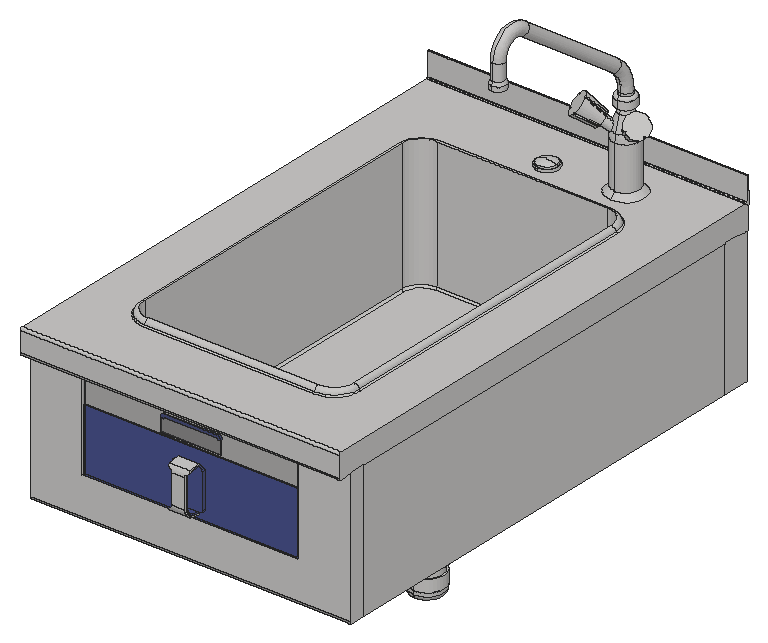
Revit family "QF_ELECTROLUXPROFESSIONAL_588403_MABGABEOAO", category Specialty Equipment, Revit 2018
Family settings
  Round Connector Dimension = Use Diameter
  Part Type = Normal
  Work Plane-Based = No
  Always vertical = Yes
  Cut with Voids When Loaded = No
  Shared = No
  Room Calculation Point = No
Parameters
  Weight in Pounds = 33.0693
  Watts = 1500 VA  # 1500 W
  Waste Water Discharge Temperature [instance] = -459.67 °F
  Volts = 400 V  # constant formula
  URL Cutsheet = ""
  Type Mark [instance] = ""
  Status [instance] = ""
  Specification by User [instance] = ""
  Specification by Manufacturer = ""
  Small Baine = yes
  Show Backsplash [instance] = yes
  Serial Number = ""
  Seismic Rating = ""
  SMACNA No = ""
  Revision Code [instance] = ""
  Plumbing Remarks [instance] = ""
  Plumbing Connection Type [instance] = ""
  Phase = 3  # constant formula
  Omniclass Number and Title = ""
  Number of Poles [instance] = 1
  NAFEM Spec ID Number = ""
  Model = "588403"
  Min Ckt Ampacity = 0 A
  Max Overcurrent Protection = 0 A
  Masterspec = ""
  Manufacturer = "ELECTROLUX"
  Item Number [instance] = ""
  Installed By [instance] = ""
  Indirect Waste Size = 1"
  Indirect Waste Flow [instance] = 0 GPM
  Indirect Waste Connection Type [instance] = ""
  Indirect Waste Connection Height = 0 mm
  Identify Quantity as Lot [instance] = yes
  Hot Water Temperature = -459.67 °F
  Hot Water Size = 3/4"
  Hot Water RI Height [instance] = 0 mm
  Hot Water Minimum Pressure = 0.00 psi
  Hot Water Maximum Pressure = 0.00 psi
  Hot Water Flow [instance] = 0 GPM
  Hot Water Consumption = 0 GPM
  Hot Water Connection Height = 0 mm
  HP = "2 HP"
  Furnished By [instance] = ""
  Foodservice Equipment Identifier [instance] = yes
  FL Amps [instance] = if(Phase = 3, Watts / (Volts * 1.73), Watts / Volts)  # 2.16763 A
  Electrical Remarks = "400 V/3N ph/50/60 Hz"  # constant formula
  Electric Connection Type [instance] = ""
  Elec Conn RI Height [instance] = 0 mm
  Elec Conn Connection Height [instance] = 0 mm
  Direct Waste Size = 1"
  Description = "EL.BAINM,1/1GN,TAP(R),1S,BS,500X800X250H"
  Cycle [instance] = if([60 Hertz Option], 60 Hz, 50 Hz)  # 60 Hz
  Conn Plug = ""
  Conn Conduit = yes
  Cold Water Temperature Recommended [instance] = 0 °F
  Cold Water Size = 3/4"
  Cold Water RI Height [instance] = 0 mm
  Cold Water Minimum Pressure = 0.00 psi
  Cold Water Maximum Pressure = 0.00 psi
  Cold Water Flow [instance] = 0 GPM
  Cold Water Consumption = ""
  Cold Water Connection Height = 0 mm
  CSI MasterFormat = ""
  CSI Master Format = ""
  Back Panel [instance] = not(Show Backsplash)  # no
  Apparent Power [instance] = if(Phase = 3, Volts * FL Amps * 1.73, Volts * FL Amps)  # 1500 VA
  60 Hertz Option [instance] = not([50 Hertz Option])  # yes
  50 Hertz Option [instance] = no
Reference planes
  plane 1 "BACK": y = 0
  plane 2: z = 0
  plane 3 "LEFT": x = 0
  plane 4 "RIGHT": x = 500
  plane 5 "FRONT": y = -800
  plane 6 "TOP": z = 250
  plane 7: x = 250
  plane 8: y = -400
  plane 9: z = 582.185
  plane 10: x = 465
  plane 11: y = -94
  plane 12: y = -81
  plane 13: y = -585
Forms (mm)
  Extrusion 1, solid, material "QF_Finishes_Stainless Steel"
    sketch origin (0, -487.128, 0) x (0, 1, 0) y (0, 0, 1)
      loop
        line (483.128, 250) -> (-308.872, 250)
        arc (-308.872, 250) -> (-311.7, 248.828) -> (-312.872, 246) r 4
        line (-312.872, 246) -> (-312.872, 214)
        arc (-312.872, 214) -> (-311.443, 210.936) -> (-308.177, 210.061) r 4
        line (-308.177, 210.061) -> (-291.509, 213) -> (465.765, 213) -> (482.433, 210.061)
        arc (482.433, 210.061) -> (485.699, 210.936) -> (487.128, 214) r 4
        line (487.128, 214) -> (487.128, 246)
        arc (487.128, 246) -> (485.956, 248.828) -> (483.128, 250) r 4
    from 0 to 500
  Extrusion 2, void
    sketch origin (0, -4, 250) x (1, 0, 0) y (0, -1, 0)
      loop
        line (423.051, 156.931) -> (423.051, 660.069)
        arc (423.051, 660.069) -> (411.335, 688.354) -> (383.051, 700.069) r 40
        line (383.051, 700.069) -> (116.931, 700.069)
        arc (116.931, 700.069) -> (88.646, 688.354) -> (76.931, 660.069) r 40
        line (76.931, 660.069) -> (76.931, 156.931)
        arc (76.931, 156.931) -> (88.646, 128.647) -> (116.931, 116.931) r 40
        line (116.931, 116.931) -> (383.051, 116.931)
        arc (383.051, 116.931) -> (411.335, 128.647) -> (423.051, 156.931) r 40
    from 0 to 40
  Extrusion 3, solid, material "QF_Finishes_Stainless Steel"
    sketch origin (-178.969, -4572, 0) x (-1, 0, 0) y (0, -1, 0)
      loop
        line (-178.969, -4526) -> (-178.969, -3818) -> (-678.969, -3818) -> (-678.969, -4526) -> (-178.969, -4526)
      loop
        line (-204.369, -4500.6) -> (-204.369, -3843.4) -> (-653.569, -3843.4) -> (-653.569, -4500.6) -> (-204.369, -4500.6)
    from 0 to 213
  Extrusion 4, solid, material "QF_Finishes_Stainless Steel"
    sketch origin (-178.969, -4572, 0) x (-1, 0, 0) y (0, -1, 0)
      loop
        line (-204.369, -4500.6) -> (-204.369, -3843.4) -> (-653.569, -3843.4) -> (-653.569, -4500.6) -> (-204.369, -4500.6)
    from 0 to 10
  Extrusion 5, solid, material "QF_Finishes_Stainless Steel", visible <- "Back Panel"
    sketch origin (0, 0, 0) x (0, 1, 0) y (0, 0, 1)
      loop
        line (-46, 0) -> (-23, 0)
        arc (-23, 0) -> (-20.879, 0.879) -> (-20, 3) r 3
        line (-20, 3) -> (-20, 213) -> (-46, 213) -> (-46, 0)
    from 0 to 500
  Extrusion 6, solid, material "QF_Finishes_Stainless Steel"
    sketch origin (-50, 25, 0) x (1, 0, 0) y (0, 1, 0)
      loop
        circle (300, -685) r 12.7
    from 0 to 12.5
  Extrusion 7, solid, material "QF_Finishes_Stainless Steel"
    sketch origin (-50, 39.803, 250) x (0, -1, 0) y (1, 0, 0)
      loop
        circle (120.803, 300) r 17.578
    from 0 to 3.2
  Revolve 8, solid, material "QF_Finishes_Stainless Steel"
    sketch origin (0, -81, 2.262) x (1, 0, 0) y (0, 0, 1)
      loop
        line (250, 250.938) -> (250, 256.608)
        arc (250, 256.608) -> (242.261, 255.697) -> (235, 252.868) r 30.732
        line (235, 252.868) -> (235, 250.938) -> (250, 250.938)
      axis (250, 250.938) -> (250, 256.608)
    angle from 0 to 360
  Revolve 9, solid, material "QF_Finishes_Stainless Steel"
    sketch origin (465, 1382.872, -192.047) x (0, 1, 0) y (0, 0, 1)
      loop
        line (-1937.861, 186.547) -> (-1937.861, 192.047) -> (-1967.861, 192.047) -> (-1967.861, 141.547) -> (-1947.861, 141.547)
        arc (-1947.861, 141.547) -> (-1943.618, 143.305) -> (-1941.861, 147.547) r 6
        line (-1941.861, 147.547) -> (-1941.361, 153.547) -> (-1941.361, 172.547) -> (-1944.361, 172.547) -> (-1944.361, 186.547) -> (-1937.861, 186.547)
      axis (-1967.872, 141.547) -> (-1967.872, 192.047)
    angle from 0 to 360
  Revolve 10, solid, material "QF_Finishes_Black"
    sketch origin (365, -54.517, -46.552) x (0, 1, 0) y (0, 0, 1)
      loop
        arc (-25.958, 192.99) -> (-25.178, 193.771) -> (-25.958, 194.552) r 0.781
        line (-25.958, 194.552) -> (-27.459, 194.552) -> (-27.459, 179.552) -> (-29.958, 179.552) -> (-29.958, 177.38) -> (-28.404, 177.38) -> (-27.456, 177.547) -> (-26.894, 178.11) -> (-25.907, 178.11) -> (-25.907, 180.54)
        arc (-25.907, 180.54) -> (-25.128, 181.318) -> (-25.907, 182.097) r 0.779
        arc (-25.907, 182.097) -> (-25.128, 182.875) -> (-25.907, 183.654) r 0.779
        arc (-25.907, 183.654) -> (-25.128, 184.433) -> (-25.907, 185.211) r 0.779
        arc (-25.907, 185.211) -> (-25.128, 185.99) -> (-25.907, 186.768) r 0.779
        arc (-25.907, 186.768) -> (-25.128, 187.547) -> (-25.907, 188.326) r 0.779
        arc (-25.907, 188.326) -> (-25.128, 189.104) -> (-25.907, 189.883) r 0.779
        arc (-25.907, 189.883) -> (-25.128, 190.661) -> (-25.907, 191.44) r 0.779
        arc (-25.907, 191.44) -> (-25.128, 192.219) -> (-25.907, 192.997) r 0.779
      axis (-39.483, 194.552) -> (-39.483, 177.38)
    angle from 0 to 360
  Extrusion 11, solid, material "QF_Finishes_Stainless Steel", visible <- "Show Backsplash"
    sketch origin (0, 0, 0) x (0, 1, 0) y (0, 0, 1)
      loop
        line (-2.951, 2) -> (-2.951, 210.133)
        arc (-2.951, 210.133) -> (-3.795, 210.009) -> (-4.646, 210.066) r 4
        line (-4.646, 210.066) -> (-21.287, 213) -> (-46, 213) -> (-46, 0) -> (-4.951, 0)
        arc (-4.951, 0) -> (-3.537, 0.586) -> (-2.951, 2) r 2
      loop
        arc (-1.951, 252.006) -> (-2.537, 250.592) -> (-3.951, 250.006) r 2
        arc (-3.951, 250.006) -> (-1.172, 248.828) -> (0, 246) r 4
        line (0, 246) -> (0, 288.006) -> (-1.951, 288.006) -> (-1.951, 252.006)
    from 500 to 0
  Sweep 12, solid, material "QF_Finishes_Stainless Steel"
    path origin (-178.969, -4572, 0) x (-1, 0, 0) y (0, -1, 0)
      loop
        line (-255.899, -4411.069) -> (-255.899, -3907.931)
        arc (-255.899, -3907.931) -> (-267.615, -3879.646) -> (-295.899, -3867.931) r 40
        line (-295.899, -3867.931) -> (-562.02, -3867.931)
        arc (-562.02, -3867.931) -> (-590.304, -3879.646) -> (-602.02, -3907.931) r 40
        line (-602.02, -3907.931) -> (-602.02, -4411.069)
        arc (-602.02, -4411.069) -> (-590.304, -4439.353) -> (-562.02, -4451.069) r 40
        line (-562.02, -4451.069) -> (-295.899, -4451.069)
        arc (-295.899, -4451.069) -> (-267.615, -4439.353) -> (-255.899, -4411.069) r 40
    profile origin (76.931, -412.5, 0) x (1, 0, 0) y (0, 0, 1)
      loop
        arc (9.05, 258) -> (4.345, 256.153) -> (1.961, 251.697) r 7.314
        arc (1.961, 251.697) -> (1.3, 250.48) -> (0, 250) r 1.969
        line (0, 250) -> (8.05, 250) -> (8.05, 54)
        arc (8.05, 54) -> (9.221, 51.172) -> (12.05, 50) r 4
        line (12.05, 50) -> (12.05, 51)
        arc (12.05, 51) -> (9.928, 51.879) -> (9.05, 54) r 3
        line (9.05, 54) -> (9.05, 258)
  Extrusion 13, solid, material "QF_Finishes_Stainless Steel"
    sketch origin (-178.969, -4572, 0) x (-1, 0, 0) y (0, -1, 0)
      loop
        arc (-267.949, -3907.931) -> (-276.135, -3888.167) -> (-295.899, -3879.98) r 27.95
        line (-295.899, -3879.98) -> (-562.02, -3879.98)
        arc (-562.02, -3879.98) -> (-581.784, -3888.167) -> (-589.97, -3907.931) r 27.95
        line (-589.97, -3907.931) -> (-589.97, -4411.069)
        arc (-589.97, -4411.069) -> (-581.784, -4430.833) -> (-562.02, -4439.02) r 27.95
        line (-562.02, -4439.02) -> (-295.899, -4439.02)
        arc (-295.899, -4439.02) -> (-276.135, -4430.833) -> (-267.949, -4411.069) r 27.95
        line (-267.949, -4411.069) -> (-267.949, -3907.931)
    from 50 to 51
Cuts and joins
  Extrusion 2 cuts Extrusion 1
  joined: Extrusion 3, Extrusion 4
  joined: Sweep 12, Extrusion 13
Lines and regions (mm)
  symbolic lines
    curve 1: line (0, 1.503, 0) -> (500, 1.503, 0)
    curve 2: line (0, -800, 0) -> (0, 1.503, 0)
    curve 3: line (500, -800, 0) -> (0, -800, 0)
    curve 4: line (500, 1.503, 0) -> (500, -800, 0)
    curve 5: circle (250, -659.789, 0) r 14.885 normal (0, 0, 1)
    curve 6: circle (250, -81, 0) r 15 normal (0, 0, 1)
    curve 7: circle (250, -81, 0) r 17.578 normal (0, 0, 1)
    curve 9: line (76.931, -160.931, 0) -> (76.931, -664.069, 0)
    curve 10: line (85.98, -664.069, 0) -> (85.98, -160.931, 0)
    curve 11: arc (85.98, -664.069, 0) -> (95.045, -685.955, 0) -> (116.931, -695.02, 0) r 30.95
    curve 12: arc (116.931, -704.069, 0) -> (88.646, -692.354, 0) -> (76.931, -664.069, 0) r 40
    curve 13: line (116.931, -704.069, 0) -> (383.051, -704.069, 0)
    curve 14: line (383.051, -695.02, 0) -> (116.931, -695.02, 0)
    curve 15: arc (383.051, -695.02, 0) -> (404.936, -685.955, 0) -> (414.001, -664.069, 0) r 30.95
    curve 16: arc (423.051, -664.069, 0) -> (411.335, -692.354, 0) -> (383.051, -704.069, 0) r 40
    curve 17: line (423.051, -664.069, 0) -> (423.051, -160.931, 0)
    curve 18: line (414.001, -160.931, 0) -> (414.001, -664.069, 0)
    curve 19: arc (414.001, -160.931, 0) -> (404.936, -139.046, 0) -> (383.051, -129.98, 0) r 30.95
    curve 20: arc (383.051, -120.931, 0) -> (411.335, -132.647, 0) -> (423.051, -160.931, 0) r 40
    curve 21: line (383.051, -120.931, 0) -> (374.525, -120.931, 0)
    curve 22: line (116.931, -129.98, 0) -> (355.475, -129.98, 0)
    curve 23: arc (76.931, -160.931, 0) -> (88.646, -132.647, 0) -> (116.931, -120.931, 0) r 40
    curve 24: arc (116.931, -129.98, 0) -> (95.045, -139.046, 0) -> (85.98, -160.931, 0) r 30.95
    curve 25: line (355.475, -120.931, 0) -> (330.326, -120.931, 0)
    curve 26: line (374.525, -129.98, 0) -> (383.051, -129.98, 0)
    curve 27: line (320.303, -120.931, 0) -> (116.931, -120.931, 0)
  symbolic lines, visible <- "Show Backsplash"
    curve 8: line (0, -1.951, 0) -> (500, -1.951, 0)
Dimensions and locks
  plane 3 "LEFT" to plane 4 "RIGHT" = 500 mm
  plane 5 "FRONT" to plane 1 "BACK" = 800 mm
  equal spacing: plane 3 "LEFT", plane 7, plane 4 "RIGHT"
  equal spacing: plane 5 "FRONT", plane 8, plane 1 "BACK"
  plane 6 "TOP" to level = 250 mm  (x2)
  plane 1 "BACK" to plane 5 "FRONT" = 800 mm
  Extrusion 6 sketch curve to plane 1 "BACK" = 660 mm
  Extrusion 6 sketch curve to plane 4 "RIGHT" = 250 mm
  plane 5 "FRONT" to nested 1 = 729 mm
  Revolve 10 to level = 148 mm
  plane 1 "BACK" to Extrusion 6 = 660 mm
  nested 1 to plane 4 "RIGHT" = 135 mm
  plane 4 "RIGHT" to plane 10 = 35 mm
  plane 1 "BACK" to plane 11 = 94 mm
  plane 12 to plane 5 "FRONT" = 719 mm
  plane 1 "BACK" to plane 13 = 585 mm
  aligned and locked: level to plane 2
Automatic sketch dimensions
  Extrusion 1 sketch curve to plane 5 "FRONT" = 0 mm
  Extrusion 1 sketch curve to plane 6 "TOP" = 0 mm
  Extrusion 1 sketch curve to plane 1 "BACK" = 0 mm
  Extrusion 1 sketch curve to plane 6 "TOP" = 37 mm
  Extrusion 1 sketch curve to plane 5 "FRONT" = 4 mm  (x2)
  Extrusion 1 sketch curve to plane 5 "FRONT" = 21.363 mm
  plane 1 "BACK" to Extrusion 1 sketch curve = 21.363 mm
  plane 1 "BACK" to Extrusion 1 sketch curve = 4 mm
  Extrusion 1 sketch curve to Extrusion 1 sketch curve = 0.695 mm
  Extrusion 1 sketch curve to Extrusion 1 sketch curve = 0 mm  (x4)
  plane 1 "BACK" to Extrusion 1 sketch curve = 4.695 mm
  Extrusion 1 sketch curve to Extrusion 1 sketch curve = 4 mm
  Extrusion 1 sketch curve to Extrusion 1 sketch curve = 1 mm  (x2)
  Extrusion 3 sketch curve to plane 4 "RIGHT" = 0 mm
  Extrusion 3 sketch curve to plane 3 "LEFT" = 0 mm
  plane 1 "BACK" to Extrusion 3 sketch curve = 46 mm
  plane 4 "RIGHT" to Extrusion 3 sketch curve = 25.4 mm
  plane 3 "LEFT" to Extrusion 3 sketch curve = 25.4 mm
  Extrusion 3 sketch curve to Extrusion 3 sketch curve = 25.4 mm  (x2)
  Extrusion 3 sketch curve to plane 5 "FRONT" = 71.4 mm
  plane 4 "RIGHT" to Extrusion 4 sketch curve = 25.4 mm
  plane 1 "BACK" to Extrusion 4 sketch curve = 71.4 mm
  plane 3 "LEFT" to Extrusion 4 sketch curve = 25.4 mm
  Extrusion 4 sketch curve to plane 5 "FRONT" = 71.4 mm
  plane 1 "BACK" to Revolve 9 sketch curve = 584.989 mm
  Revolve 9 sketch curve to plane 6 "TOP" = 300.5 mm
  Revolve 9 sketch curve to Revolve 9 sketch curve = 20 mm
  Revolve 9 sketch curve to Revolve 9 sketch curve = 3.5 mm
  Revolve 9 sketch curve to Revolve 9 sketch curve = 6 mm  (x2)
  Revolve 9 sketch curve to Revolve 9 sketch curve = 3 mm
  Revolve 9 sketch curve to Revolve 9 sketch curve = 6.5 mm
  plane 1 "BACK" to Revolve 9 sketch curve = 585 mm
  Revolve 9 sketch curve to Revolve 9 sketch curve = 19 mm
  Revolve 9 sketch curve to Revolve 9 sketch curve = 14 mm
  Revolve 9 sketch curve to Revolve 9 sketch curve = 5.5 mm
  Revolve 9 sketch curve to Revolve 9 sketch curve = 6.734 mm
  Revolve 9 sketch curve to plane 6 "TOP" = 222.234 mm
  level to Revolve 10 sketch curve = 130.828 mm
  Revolve 10 sketch curve to Revolve 10 sketch curve = 1.554 mm
  Revolve 10 sketch curve to Revolve 10 sketch curve = 2.499 mm
  Revolve 10 sketch curve to Revolve 10 sketch curve = 0.948 mm
  Revolve 10 sketch curve to Revolve 10 sketch curve = 0.562 mm  (x2)
  Revolve 10 sketch curve to Revolve 10 sketch curve = 1.5 mm
  Revolve 10 sketch curve to Revolve 10 sketch curve = 0.987 mm  (x2)
  Revolve 10 sketch curve to Revolve 10 sketch curve = 0 mm  (x12)
  Revolve 10 sketch curve to Revolve 10 sketch curve = 0.052 mm  (x2)
  Revolve 10 sketch curve to Revolve 10 sketch curve = 0.167 mm
  Revolve 10 sketch curve to Revolve 10 sketch curve = 2.172 mm
  Revolve 10 sketch curve to Revolve 10 sketch curve = 14.013 mm
  Revolve 10 sketch curve to Revolve 10 sketch curve = 0.779 mm  (x8)
  Revolve 10 sketch curve to Revolve 10 sketch curve = 0.007 mm
  Revolve 10 sketch curve to Revolve 10 sketch curve = 0.878 mm
  Revolve 10 sketch curve to Revolve 10 sketch curve = 1.95 mm
  plane 1 "BACK" to Revolve 10 sketch curve = 84.475 mm
  Revolve 10 sketch curve to Revolve 10 sketch curve = 9.525 mm
  Extrusion 5 sketch curve to level = 0 mm
  level to Extrusion 5 sketch curve = 3 mm
  Extrusion 5 sketch curve to Extrusion 5 sketch curve = 23 mm
  plane 1 "BACK" to Extrusion 5 sketch curve = 20 mm
  Extrusion 5 sketch curve to plane 6 "TOP" = 37 mm
  Extrusion 1 to Extrusion 7 sketch curve = 77 mm
  Extrusion 1 to Extrusion 7 sketch curve = 250 mm
  Revolve 8 sketch curve to plane 7 = 0 mm  (x2)
  plane 6 "TOP" to Revolve 8 sketch curve = 3.2 mm
  plane 6 "TOP" to Revolve 8 sketch curve = 5.13 mm
  Revolve 8 sketch curve to plane 7 = 15 mm
  Revolve 8 sketch curve to plane 7 = 0.304 mm
  Revolve 8 sketch curve to Revolve 8 sketch curve = 5.67 mm
  Revolve 8 sketch curve to plane 6 "TOP" = 2.738 mm
  Revolve 8 sketch curve to Revolve 8 sketch curve = 6.568 mm
  Extrusion 1 to Extrusion 2 sketch curve = 76.931 mm
  Extrusion 1 to Extrusion 2 sketch curve = 91.931 mm
  Extrusion 2 sketch curve to Extrusion 2 sketch curve = 40 mm  (x3)
  Extrusion 1 to Extrusion 2 sketch curve = 116.949 mm  (x2)
  Extrusion 1 to Extrusion 2 sketch curve = 156.931 mm
  Extrusion 11 sketch curve to level = 0 mm
  Extrusion 11 sketch curve to plane 1 "BACK" = 0 mm  (x2)
  level to Extrusion 11 sketch curve = 2 mm
  Extrusion 11 sketch curve to plane 6 "TOP" = 0 mm
  plane 1 "BACK" to Extrusion 11 sketch curve = 1.951 mm
  plane 1 "BACK" to Extrusion 11 sketch curve = 2.951 mm
  Extrusion 11 sketch curve to Extrusion 11 sketch curve = 18.335 mm
  Extrusion 11 sketch curve to Extrusion 11 sketch curve = 41.049 mm
  Extrusion 11 sketch curve to Extrusion 11 sketch curve = 1.695 mm
  Extrusion 11 sketch curve to Extrusion 11 sketch curve = 0 mm  (x3)
  plane 1 "BACK" to Extrusion 11 sketch curve = 4 mm
  plane 1 "BACK" to Extrusion 11 sketch curve = 3.951 mm
  Extrusion 11 sketch curve to Extrusion 11 sketch curve = 2 mm
  Extrusion 11 sketch curve to Extrusion 11 sketch curve = 35.867 mm
  Extrusion 11 sketch curve to plane 6 "TOP" = 37 mm
  plane 6 "TOP" to Extrusion 11 sketch curve = 2.006 mm
  Extrusion 11 sketch curve to Extrusion 11 sketch curve = 36 mm
  Extrusion 11 sketch curve to Extrusion 11 sketch curve = 0.066 mm
  curve 6 to curve 7 = 0 mm  (x2)
  curve 1 to plane 4 "RIGHT" = 0 mm
  curve 3 to plane 3 "LEFT" = 0 mm
  plane 5 "FRONT" to curve 3 = 0 mm
  curve 7 to plane 7 = 0 mm
  curve 5 to plane 7 = 0 mm
  curve 2 to plane 1 "BACK" = 1.503 mm
  plane 1 "BACK" to curve 8 = 1.951 mm
  curve 6 to plane 11 = 13 mm
  curve 5 to plane 8 = 259.789 mm
  Sweep 12 sketch curve to plane 10 = 41.949 mm
  plane 11 to Sweep 12 sketch curve = 26.931 mm
  Sweep 12 sketch curve to Sweep 12 sketch curve = 40 mm  (x3)
  plane 3 "LEFT" to Sweep 12 sketch curve = 116.931 mm  (x2)
  Sweep 12 sketch curve to plane 5 "FRONT" = 135.931 mm
  Sweep 12 sketch curve to Sweep 12 sketch curve = 0 mm  (x3)
  profile plane to Sweep 12 sketch curve = 0 mm
  Sweep 12 sketch curve to profile plane = 12.05 mm
  profile plane to Sweep 12 sketch curve = 50 mm
  Sweep 12 sketch curve to Sweep 12 sketch curve = 4 mm
  Sweep 12 sketch curve to Sweep 12 sketch curve = 1 mm
  Sweep 12 sketch curve to profile plane = 0.011 mm
  Sweep 12 sketch curve to profile plane = 1.961 mm
  Sweep 12 sketch curve to Sweep 12 sketch curve = 1.156 mm
  Sweep 12 sketch curve to Sweep 12 sketch curve = 196 mm
  Sweep 12 sketch curve to Sweep 12 sketch curve = 8 mm
  Extrusion 13 sketch curve to plane 10 = 53.999 mm
  plane 11 to Extrusion 13 sketch curve = 38.98 mm
  Extrusion 13 sketch curve to Extrusion 13 sketch curve = 27.95 mm  (x3)
  plane 3 "LEFT" to Extrusion 13 sketch curve = 116.931 mm  (x2)
  Extrusion 13 sketch curve to plane 5 "FRONT" = 135.931 mm
  plane 3 "LEFT" to curve 10 = 85.98 mm
  curve 10 to plane 5 "FRONT" = 135.931 mm
  curve 11 to curve 10 = 30.95 mm
  curve 11 to curve 9 = 9.05 mm
  plane 11 to curve 10 = 66.931 mm
  curve 9 to curve 10 = 0 mm
  curve 11 to curve 9 = 0 mm
  curve 11 to curve 12 = 0 mm
  curve 13 to plane 10 = 81.949 mm
  curve 15 to curve 15 = 30.95 mm
  curve 15 to curve 16 = 0 mm  (x2)
  curve 18 to curve 19 = 30.95 mm
  curve 19 to curve 20 = 0 mm  (x2)
  curve 27 to curve 10 = 30.95 mm
  curve 22 to curve 27 = 0 mm
  curve 25 to plane 10 = 109.525 mm
  curve 22 to plane 10 = 109.525 mm
  plane 7 to curve 27 = 70.303 mm
  plane 7 to curve 25 = 80.326 mm
  curve 21 to plane 10 = 90.475 mm
  plane 11 to curve 25 = 26.931 mm
  plane 11 to curve 26 = 35.98 mm
  curve 26 to plane 10 = 90.475 mm
  radius of Extrusion 6 sketch curve = 12.7 mm
  radius of Extrusion 7 sketch curve = 17.578 mm
  radius of curve 5 = 14.885 mm
  radius of curve 6 = 15 mm
  radius of curve 7 = 17.578 mm
Nested families
  nested 1: "Thermaline Faucet" at (365, -71, 0), type "Thermaline Faucet"
  nested 2: "EB_800_500_Front Panel" at (202.376, -754, -650), type "EB_800_500_Front Panel"
Connectors
  piping at (250, -660, 0), diameter 25.4
    settings: on Extrusion 6, index 3, connector inside diameter 1", connector length 0 mm, flow factor 0, pipe flow 0 GPM, pressure drop 0.00 psi, fitting loss kfactor 0, connector angle 0.00°, fixture units 0, engagement length 0 mm, angle of deflection 0.00°, flow configuration 1, flow direction 2, fitting loss method 0, system type 16, joint type 0, gender type 0, connector reference index -1, connector utility 0, adjustable connector no, is connector primary yes, connector description "DRAIN"
  electrical at (465, -585, 0), driven by "Volts", driven by "Watts"
    settings: on Revolve 9, index 4, voltage 400 V, apparent load 1500 VA, apparent load phase1 0 VA, apparent load phase2 0 VA, apparent load phase3 0 VA, power factor 1, load classification "Other", number of poles 1, system type 30, power factor state 1, is connector primary yes, connector utility no, sub classification motor no, connector description "ELECTRICAL CONNECTION"
  piping at (365, -94, 130.828), diameter 19
    settings: on Revolve 10, index 5, connector inside diameter 0.74803", connector length 0 mm, flow factor 0, pipe flow 0 GPM, pressure drop 0.00 psi, fitting loss kfactor 0, connector angle 0.00°, fixture units 0, engagement length 0 mm, angle of deflection 0.00°, flow configuration 1, flow direction 1, fitting loss method 0, system type 20, joint type 0, gender type 0, connector reference index -1, connector utility 0, adjustable connector no, is connector primary no, connector description "COLD WATER INLET"
  piping at (365, -94, 130.828), diameter 19
    settings: on Revolve 10, index 6, connector inside diameter 0.74803", connector length 0 mm, flow factor 0, pipe flow 0 GPM, pressure drop 0.00 psi, fitting loss kfactor 0, connector angle 0.00°, fixture units 0, engagement length 0 mm, angle of deflection 0.00°, flow configuration 1, flow direction 1, fitting loss method 0, system type 19, joint type 0, gender type 0, connector reference index -1, connector utility 0, adjustable connector no, is connector primary no, connector description "HOT WATER INLET"
Definition of nested family "Thermaline Faucet"
  Reference planes
    plane 1 "Center (Front/Back)": y = 0
    plane 2: z = 0
    plane 3 "Center (Left/Right)": x = 0
  Forms (mm)
    Revolve 1, solid
      sketch origin (0, 110, 0) x (0, 1, 0) y (0, 0, 1)
        loop
          line (-110, 250) -> (-80.897, 250) -> (-89.277, 258.38) -> (-89.277, 326.173)
          arc (-89.277, 326.173) -> (-89.737, 332.364) -> (-91.107, 338.419) r 41.887
          line (-91.107, 338.419) -> (-98.513, 362.642)
          arc (-98.513, 362.642) -> (-99.453, 366.971) -> (-99.667, 371.396) r 26.78
          line (-99.667, 371.396) -> (-94.537, 371.396) -> (-94.537, 383.339)
          arc (-94.537, 383.339) -> (-95.799, 386.384) -> (-98.844, 387.646) r 4.307
          line (-98.844, 387.646) -> (-110, 387.646) -> (-110, 250)
        axis (-110, 387.646) -> (-110, 250)
      angle from 0 to 360
    Sweep 2, solid
      path origin (-70, 110, 0) x (0, 1, 0) y (0, 0, 1)
        loop
          line (-110, 387.646) -> (-110, 391.879)
          arc (-110, 391.879) -> (-115.995, 416.848) -> (-132.672, 436.375) r 55
          line (-132.672, 436.375) -> (-312.366, 566.931)
          arc (-312.366, 566.931) -> (-343.62, 569.39) -> (-360, 542.66) r 30
          line (-360, 542.66) -> (-360, 517.854)
      profile origin (-70, 0, 389.762) x (0, -1, 0) y (1, 0, 0)
        loop
          circle (0, 70) r 9.525
    Revolve 3, solid
      sketch origin (0, 104.787, 374.993) x (0, 1, 0) y (0, 0, 1)
        loop
          line (-354.787, 136.51) -> (-354.787, 142.86) -> (-364.312, 142.86) -> (-366.717, 136.51) -> (-366.717, 130.16) -> (-354.787, 130.16) -> (-354.787, 136.51)
        axis (-354.787, 130.16) -> (-354.787, 142.86)
      angle from 0 to 360
    Blend 4, solid
      base sketch origin (79.461, -905.497, 152.805) x (0.692474, 0.046138, 0.719966) y (0.40024, -0.854864, -0.330174)
        loop
          arc (109.326, -848.459) -> (98.651, -853.462) -> (93.381, -864.007) r 17.953
          arc (93.381, -864.007) -> (95.845, -865.98) -> (93.297, -867.845) r 1.988
          arc (93.297, -867.845) -> (98.373, -878.893) -> (109.326, -884.172) r 17.953
          arc (109.326, -884.172) -> (111.185, -882.313) -> (113.044, -884.172) r 1.859
          arc (113.044, -884.172) -> (123.997, -878.893) -> (129.073, -867.845) r 17.953
          arc (129.073, -867.845) -> (127.548, -865.958) -> (128.989, -864.007) r 1.984
          arc (128.989, -864.007) -> (123.762, -853.504) -> (113.164, -848.472) r 17.953
          arc (113.164, -848.472) -> (111.239, -850.043) -> (109.326, -848.459) r 1.956
      top sketch origin (79.461, -905.497, 152.805) x (0.692474, 0.046138, 0.719966) y (0.40024, -0.854864, -0.330174)
        loop
          arc (109.326, -853.371) -> (102.264, -856.945) -> (98.69, -864.007) r 12.7
          arc (98.69, -864.007) -> (100.609, -865.926) -> (98.69, -867.845) r 1.919
          arc (98.69, -867.845) -> (102.264, -874.906) -> (109.326, -878.48) r 12.7
          arc (109.326, -878.48) -> (111.245, -876.561) -> (113.164, -878.48) r 1.919
          arc (113.164, -878.48) -> (120.225, -874.906) -> (123.799, -867.845) r 12.7
          arc (123.799, -867.845) -> (121.88, -865.926) -> (123.799, -864.007) r 1.919
          arc (123.799, -864.007) -> (120.225, -856.945) -> (113.164, -853.371) r 12.7
          arc (113.164, -853.371) -> (111.245, -854.791) -> (109.326, -853.371) r 2.007
      from 239.294 to 275.758
    Extrusion 5, solid
      sketch origin (244.982, -762.986, -15.528) x (0.692474, 0.046138, 0.719966) y (0.40024, -0.854864, -0.330174)
        loop
          circle (111.245, -865.926) r 8.197
      from 0 to 21.835
    Blend 6, solid
      base sketch origin (-79.461, -905.497, 152.805) x (-0.692474, 0.046138, 0.719966) y (0.40024, 0.854864, 0.330174)
        loop
          arc (109.326, 848.459) -> (111.239, 850.043) -> (113.164, 848.472) r 1.956
          arc (113.164, 848.472) -> (123.762, 853.504) -> (128.989, 864.007) r 17.953
          arc (128.989, 864.007) -> (127.548, 865.958) -> (129.073, 867.845) r 1.984
          arc (129.073, 867.845) -> (123.997, 878.893) -> (113.044, 884.172) r 17.953
          arc (113.044, 884.172) -> (111.185, 882.313) -> (109.326, 884.172) r 1.859
          arc (109.326, 884.172) -> (98.373, 878.893) -> (93.297, 867.845) r 17.953
          arc (93.297, 867.845) -> (95.845, 865.98) -> (93.381, 864.007) r 1.988
          arc (93.381, 864.007) -> (98.651, 853.462) -> (109.326, 848.459) r 17.953
      top sketch origin (-79.461, -905.497, 152.805) x (-0.692474, 0.046138, 0.719966) y (0.40024, 0.854864, 0.330174)
        loop
          arc (109.326, 853.371) -> (111.245, 854.791) -> (113.164, 853.371) r 2.007
          arc (113.164, 853.371) -> (120.225, 856.945) -> (123.799, 864.007) r 12.7
          arc (123.799, 864.007) -> (121.88, 865.926) -> (123.799, 867.845) r 1.919
          arc (123.799, 867.845) -> (120.225, 874.906) -> (113.164, 878.48) r 12.7
          arc (113.164, 878.48) -> (111.245, 876.561) -> (109.326, 878.48) r 1.919
          arc (109.326, 878.48) -> (102.264, 874.906) -> (98.69, 867.845) r 12.7
          arc (98.69, 867.845) -> (100.609, 865.926) -> (98.69, 864.007) r 1.919
          arc (98.69, 864.007) -> (102.264, 856.945) -> (109.326, 853.371) r 12.7
      from 239.294 to 275.758
    Extrusion 7, solid
      sketch origin (-244.982, -762.986, -15.528) x (-0.692474, 0.046138, 0.719966) y (0.40024, 0.854864, 0.330174)
        loop
          circle (111.245, 865.926) r 8.197
      from 0 to 21.835
  Cuts and joins
    joined: Revolve 1, Extrusion 5, Extrusion 7
  Lines and regions (mm)
    symbolic lines
      curve 1: line (-9.525, 0, 0) -> (-9.525, -250, 0)
      curve 2: line (9.525, 0, 0) -> (9.525, -250, 0)
      curve 3: arc (-9.525, -250, 0) -> (0, -259.525, 0) -> (9.525, -250, 0) r 9.525
      curve 4: arc (-9.525, -242.817, 0) -> (0, -261.93, 0) -> (9.525, -242.817, 0) r 11.93
      curve 5: arc (-9.525, 0, 0) -> (0, 9.525, 0) -> (9.525, 0, 0) r 9.525
      curve 6: arc (9.525, -12.181, 0) -> (0, 15.463, 0) -> (-9.525, -12.181, 0) r 15.463
      curve 7: arc (9.525, -27.5, 0) -> (12.082, -26.477, 0) -> (14.531, -25.216, 0) r 29.103
      curve 8: arc (-14.531, -25.216, 0) -> (-12.082, -26.477, 0) -> (-9.525, -27.5, 0) r 29.103
      curve 9: arc (28.284, -6.858, 0) -> (0, 29.103, 0) -> (-28.284, -6.858, 0) r 29.103
      curve 10: arc (9.525, -18.405, 0) -> (0, 20.723, 0) -> (-9.525, -18.405, 0) r 20.723
      curve 11: line (-14.012, -24.575, 0) -> (-34.324, -49.658, 0)
      curve 12: line (-32.144, -6.442, 0) -> (-58.383, -20.986, 0)
      curve 13: spline (-58.383, -20.986, 0) -> (-60.104, -23.263, 0) -> (-60.887, -26.361, 0) -> (-60.681, -30.07, 0) -> (-59.498, -34.136, 0) -> (-57.419, -38.284, 0) -> (-54.586, -42.23, 0) -> (-51.192, -45.705, 0) -> (-47.468, -48.472, 0) -> (-43.669, -50.344, 0) -> (-40.052, -51.191, 0) -> (-36.865, -50.958, 0) -> (-34.324, -49.658, 0) -> (-32.603, -47.382, 0) -> (-31.82, -44.284, 0) -> (-32.026, -40.575, 0) -> (-33.21, -36.508, 0) -> (-35.288, -32.36, 0) -> (-38.121, -28.415, 0) -> (-41.515, -24.94, 0) -> (-45.239, -22.172, 0) -> (-49.039, -20.301, 0) -> (-52.655, -19.453, 0) -> (-55.842, -19.687, 0) -> (-58.383, -20.986, 0)
      curve 14: line (-25.398, -7.744, 0) -> (-20.415, -3.562, 0)
      curve 15: line (-14.519, -20.314, 0) -> (-11.467, -17.262, 0)
      curve 16: line (14.012, -24.575, 0) -> (34.324, -49.658, 0)
      curve 17: spline (58.383, -20.986, 0) -> (60.104, -23.263, 0) -> (60.887, -26.361, 0) -> (60.681, -30.07, 0) -> (59.498, -34.136, 0) -> (57.419, -38.284, 0) -> (54.586, -42.23, 0) -> (51.192, -45.705, 0) -> (47.468, -48.472, 0) -> (43.669, -50.344, 0) -> (40.052, -51.191, 0) -> (36.865, -50.958, 0) -> (34.324, -49.658, 0) -> (32.603, -47.382, 0) -> (31.82, -44.284, 0) -> (32.026, -40.575, 0) -> (33.21, -36.508, 0) -> (35.288, -32.36, 0) -> (38.121, -28.415, 0) -> (41.515, -24.94, 0) -> (45.239, -22.172, 0) -> (49.039, -20.301, 0) -> (52.655, -19.453, 0) -> (55.842, -19.687, 0) -> (58.383, -20.986, 0)
      curve 18: line (25.398, -7.744, 0) -> (20.415, -3.562, 0)
      curve 19: line (14.519, -20.314, 0) -> (11.467, -17.262, 0)
      curve 20: arc (-32.144, -6.442, 0) -> (-19.323, -11.753, 0) -> (-14.012, -24.575, 0) r 18.133
      curve 21: line (32.144, -6.442, 0) -> (58.383, -20.986, 0)
      curve 22: arc (32.144, -6.442, 0) -> (19.323, -11.753, 0) -> (14.012, -24.575, 0) r 18.133
Definition of nested family "EB_800_500_Front Panel"
  Reference planes
    plane 1 "Center (Front/Back)": y = 0
    plane 2: z = 0
    plane 3 "Center (Left/Right)": x = 47.624
    plane 4: x = -202.376
    plane 5: x = 297.624
    plane 6: y = -45
  Forms (mm)
    Extrusion 1, solid
      sketch origin (833.217, 829.203, -1.25) x (0, 1, 0) y (0, 0, 1)
        loop
          arc (-854.203, 654.25) -> (-853.324, 652.129) -> (-851.203, 651.25) r 3
          line (-851.203, 651.25) -> (-829.203, 651.25) -> (-829.203, 864.25) -> (-854.203, 864.25) -> (-854.203, 654.25)
      from -1035.593 to -535.593
    Extrusion 2, void
      sketch origin (33.217, 829.203, -1.25) x (1, 0, 0) y (0, 0, 1)
        loop
          line (-155.593, 855.116) -> (-155.593, 713.116) -> (184.407, 713.116) -> (184.407, 855.116) -> (-155.593, 855.116)
      from 848.59 to 854.203
  Cuts and joins
    Extrusion 2 cuts Extrusion 1
  Dimensions and locks
    equal spacing: plane 5, plane 3 "Center (Left/Right)", plane 4
    plane 5 to plane 4 = 500 mm
    aligned and locked: cut or joined group of Extrusion 1, Extrusion 2 to plane 4
    aligned and locked: plane 5 to cut or joined group of Extrusion 1, Extrusion 2
    aligned and locked: plane 3 "Center (Left/Right)" to nested 2
    aligned and locked: cut or joined group of Extrusion 1, Extrusion 2 to nested 2
    aligned and locked: plane 3 "Center (Left/Right)" to nested 1
  Automatic sketch dimensions
    Extrusion 1 sketch curve to plane 1 "Center (Front/Back)" = 0 mm
    plane 1 "Center (Front/Back)" to Extrusion 1 sketch curve = 22 mm
    Extrusion 1 sketch curve to Extrusion 1 sketch curve = 3 mm
    level to Extrusion 1 sketch curve = 650 mm
    Extrusion 1 sketch curve to Extrusion 1 sketch curve = 210 mm
    plane 4 to Extrusion 2 sketch curve = 80 mm
    Extrusion 2 sketch curve to plane 5 = 80 mm
    level to Extrusion 2 sketch curve = 711.866 mm
    Extrusion 2 sketch curve to Extrusion 2 sketch curve = 142 mm
  Nested families
    nested 1: "Range Control Handle" at (47.624, -28.137, -209.113) x (-1, 0, 0) z (0, 0, 1), type "Range Control Handle"
    nested 2: "glass conrol panel" at (47.624, 280.644, 2.752), type "glass conrol panel"
  Definition of nested family "Range Control Handle"
    Reference planes
      plane 1 "Center (Front/Back)": y = 0
      plane 2: z = 0
      plane 3 "Center (Left/Right)": x = 0
      plane 4: z = 971.092
      plane 5: y = -16.9
    Forms (mm)
      Extrusion 1, solid
        sketch origin (-746.28, 380.497, 208.931) x (-1, 0, 0) y (0, 0, 1)
          loop
            line (-770.101, 786.798) -> (-770.101, 731.649)
            arc (-770.101, 731.649) -> (-769.759, 730.563) -> (-768.855, 729.87) r 1.893
            line (-768.855, 729.87) -> (-763.474, 727.911) -> (-729.81, 727.911) -> (-724.428, 729.87)
            arc (-724.428, 729.87) -> (-723.525, 730.563) -> (-723.183, 731.649) r 1.893
            line (-723.183, 731.649) -> (-723.183, 786.798)
            arc (-723.183, 786.798) -> (-723.529, 787.894) -> (-724.44, 788.593) r 1.91
            line (-724.44, 788.593) -> (-729.683, 790.819) -> (-763.601, 790.819) -> (-768.844, 788.593)
            arc (-768.844, 788.593) -> (-769.755, 787.894) -> (-770.101, 786.798) r 1.91
        from -382.35 to -378.852
      Sweep 2, solid
        path origin (-746.788, 380.496, 208.091) x (0, -1, 0) y (0, 0, 1)
          loop
            line (379.775, 793.281) -> (395.661, 791.048)
            arc (395.661, 791.048) -> (397.781, 787.377) -> (398.517, 783.202) r 12.207
            line (398.517, 783.202) -> (398.517, 737.368)
            arc (398.517, 737.368) -> (397.781, 733.193) -> (395.661, 729.522) r 12.207
            line (395.661, 729.522) -> (379.775, 727.289)
        profile origin (-746.788, -7.222, 1000.256) x (0, -0.139173, 0.990268) y (-1, 0, 0)
          loop
            line (0.782, -763.123) -> (0.782, -730.907) -> (-1.322, -730.907) -> (-1.322, -763.123) -> (0.782, -763.123)
      Sweep 3, solid
        path origin (-746.788, 380.715, 207.832) x (0, -1, 0) y (0, 0, 1)
          loop
            line (380.478, 795.442) -> (397.218, 793.09)
            arc (397.218, 793.09) -> (399.929, 788.473) -> (400.871, 783.202) r 15.207
            line (400.871, 783.202) -> (400.871, 737.584)
            arc (400.871, 737.584) -> (399.914, 732.274) -> (397.164, 727.633) r 15.207
            line (397.164, 727.633) -> (380.601, 725.305)
        profile origin (-746.788, -8.132, 1002.099) x (0, -0.139173, 0.990268) y (-1, 0, 0)
          loop
            line (0.782, -763.123) -> (0.782, -730.907) -> (-1.322, -730.907) -> (-1.322, -763.123) -> (0.782, -763.123)
      Extrusion 4, void
        sketch origin (889.253, 220.666, 207.993) x (1, 0, 0) y (0, 0, 1)
          loop
            line (-943.038, 816.854) -> (-943.038, 703.686) -> (-899.466, 734.196) -> (-899.466, 786.344) -> (-943.038, 816.854)
        from 230.636 to 242.25
      Extrusion 5, void
        sketch origin (-888.8, 220.666, 207.993) x (-1, 0, 0) y (0, 0, -1)
          loop
            line (-943.038, -816.854) -> (-899.466, -786.344) -> (-899.466, -734.196) -> (-943.038, -703.686) -> (-943.038, -816.854)
        from 230.636 to 242.25
      Extrusion 6, solid
        sketch origin (0, 0, 0) x (1, 0, 0) y (0, 0, 1)
          loop
            circle (0, 971.092) r 7.736
        from -3.137 to -1.645
    Cuts and joins
      Extrusion 4, Extrusion 5 cuts Sweep 3
      Extrusion 4, Extrusion 5 cuts Sweep 2
      joined: Extrusion 1, Extrusion 6
    Lines and regions (mm)
      symbolic lines
        curve 1: line (16.334, -16.9, 0) -> (16.334, -19.227, 0)
        curve 2: spline (16.334, -19.227, 0) -> (15.87, -19.385, 0) -> (15.404, -19.536, 0) -> (14.936, -19.678, 0) -> (14.466, -19.813, 0) -> (13.995, -19.94, 0) -> (13.523, -20.059, 0) -> (13.049, -20.171, 0) -> (12.575, -20.274, 0) -> (12.099, -20.37, 0) -> (11.622, -20.458, 0) -> (11.144, -20.537, 0) -> (10.666, -20.609, 0)
        curve 3: line (10.666, -16.9, 0) -> (10.666, -20.938, 0)
        curve 4: line (-10.213, -20.938, 0) -> (10.666, -20.938, 0)
        curve 5: line (-10.213, -20.938, 0) -> (-10.213, -16.9, 0)
        curve 6: spline (-10.213, -20.609, 0) -> (-10.691, -20.537, 0) -> (-11.169, -20.458, 0) -> (-11.646, -20.37, 0) -> (-12.122, -20.274, 0) -> (-12.597, -20.171, 0) -> (-13.07, -20.059, 0) -> (-13.542, -19.94, 0) -> (-14.013, -19.813, 0) -> (-14.483, -19.678, 0) -> (-14.951, -19.536, 0) -> (-15.417, -19.385, 0) -> (-15.881, -19.227, 0)
        curve 7: line (-15.881, -19.227, 0) -> (-15.881, -16.9, 0)
  Definition of nested family "glass conrol panel"
    Reference planes
      plane 1 "Center (Front/Back)": y = 0
      plane 2: z = 0
      plane 3 "Center (Left/Right)": x = 0
    Forms (mm)
      Extrusion 1, solid
        sketch origin (396.291, 0, 0.617) x (1, 0, 0) y (0, 0, 1)
          loop
            line (-566.291, 806.791) -> (-566.291, 708.497) -> (-226.291, 708.497) -> (-226.291, 806.791) -> (-566.291, 806.791)
        from 300.031 to 304.8
      Extrusion 2, solid
        sketch origin (396.291, 0, 0.617) x (1, 0, 0) y (0, 0, 1)
          loop
            line (-566.291, 850.497) -> (-566.291, 806.791) -> (-226.291, 806.791) -> (-226.291, 850.497) -> (-566.291, 850.497)
        from 300.031 to 304.8
      Extrusion 3, void
        sketch origin (396.291, 0, 0.617) x (1, 0, 0) y (0, 0, 1)
          loop
            line (-563.291, 847.565) -> (-563.291, 710.699) -> (-229.291, 710.699) -> (-229.291, 847.565) -> (-563.291, 847.565)
        from 303.697 to 304.8
      Extrusion 4, solid
        sketch origin (-308.309, 1.101, -0.633) x (-1, 0, 0) y (0, 0, -1)
          loop
            line (-261.431, -812.62) -> (-355.186, -812.62) -> (-355.186, -834.177) -> (-350.269, -834.177) -> (-348.469, -835.977) -> (-268.039, -835.977) -> (-266.24, -834.177) -> (-261.431, -834.177) -> (-261.431, -812.62)
        from 304.798 to 306.745
      Extrusion 5, solid
        sketch origin (-308.309, 1.101, -0.633) x (-1, 0, 0) y (0, 0, -1)
          loop
            line (-350.269, -834.177) -> (-355.078, -834.177)
            arc (-355.078, -834.177) -> (-353.942, -838.747) -> (-349.686, -840.763) r 5.5
            line (-349.686, -840.763) -> (-266.98, -840.763)
            arc (-266.98, -840.763) -> (-262.706, -838.752) -> (-261.529, -834.177) r 5.549
            line (-261.529, -834.177) -> (-266.24, -834.177) -> (-268.039, -835.977) -> (-348.469, -835.977) -> (-350.269, -834.177)
        from 304.798 to 306.745
    Cuts and joins
      Extrusion 3 cuts Extrusion 1
      Extrusion 3 cuts Extrusion 2
    Dimensions and locks
      aligned and locked: Extrusion 1 to Extrusion 2
      aligned and locked: Extrusion 5 sketch curve to Extrusion 4  (x5)
      aligned and locked: Extrusion 5 to Extrusion 4
